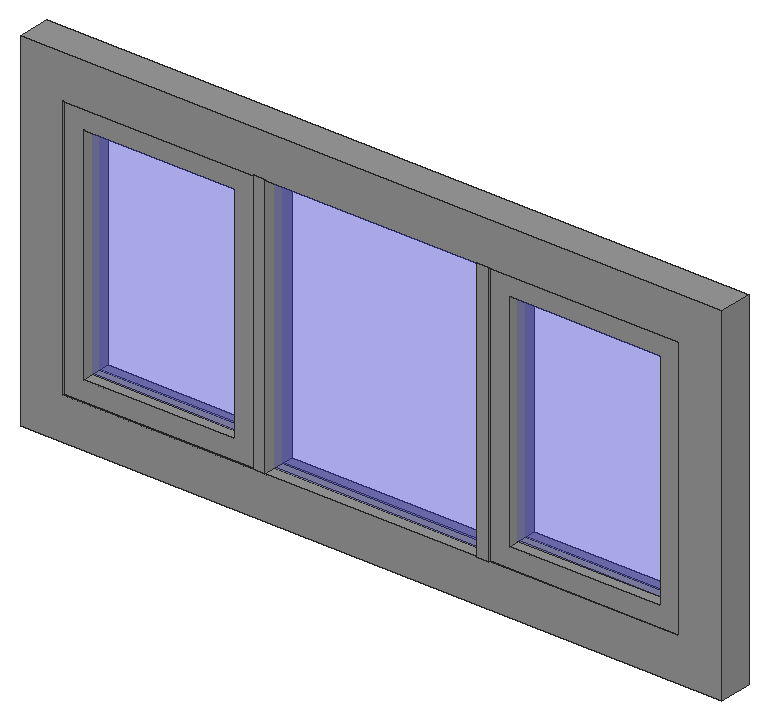
Revit family "Family49", category Windows, host Wall, Revit 2018
Family settings
  Host = Wall
  OmniClass Number = 23.30.20.00
  OmniClass Title = Windows
  Always vertical = Yes
  Cut with Voids When Loaded = No
  Shared = No
  Room Calculation Point = No
Parameters
  Window Thickness = 84 mm
  Window Frame = White
  Visual Light Transmittance = 0.81
  URL = "www.skywardwindows.co.za"
  Thermal Resistance (R) = 0.3196 (m²·K)/W
  Telephone = "021 276 1800"
  Solar Heat Gain Coefficient = 0.76
  Manufacturer = "Skyward Windows"
  Height = 890 mm
  Heat Transfer Coefficient (U) = 3.1292 W/(m²·K)
  Glass Thickness = 4 mm
  Glass = Glass
  Email Address = "info@skywardwindows.co.za"
  Default Sill Height = 800 mm
  Wall Closure = By host
  Width = 1790 mm
  Company Address = "Charles Matthews Street Atlantis 7349"
  Analytic Construction = "Double glazing - domestic"
Reference planes
  plane 1 "Center (Front/Back)": y = 0
  plane 2 "Center (Left/Right)": x = 0
  plane 3 "Left": x = -895
  plane 4 "Right": x = 895
  plane 5 "Sill": z = 800
  plane 6 "Head": z = 1690
  plane 7 "Exterior": y = 100
  plane 8 "Interior": y = -100
Forms (mm)
  Extrusion 1, solid, material "White" <- "Window Frame"
    sketch origin (0, -100, 0) x (1, 0, 0) y (0, 0, 1)
      loop
        line (-895, 1690) -> (-895, 800) -> (895, 800) -> (895, 1690) -> (-895, 1690)
      loop
        line (-786, 909) -> (786, 909) -> (786, 1581) -> (-786, 1581) -> (-786, 909)
    from -142 to -58
  Extrusion 2, solid, material "White" <- "Window Frame"
    sketch origin (0, -100, 0) x (1, 0, 0) y (0, 0, 1)
      loop
        line (-786, 1581) -> (-786, 909) -> (-302.727, 909) -> (-302.727, 1581) -> (-786, 1581)
      loop
        line (786, 1581) -> (302.175, 1581) -> (302.175, 909) -> (786, 909) -> (786, 1581)
      loop
        line (-736, 959) -> (-350, 959) -> (-350, 1531) -> (-736, 1531) -> (-736, 959)
      loop
        line (350, 1531) -> (350, 959) -> (736, 959) -> (736, 1531) -> (350, 1531)
    from -138 to -62
  Extrusion 3, solid, material "White" <- "Window Frame"
    sketch origin (0, -100, 0) x (1, 0, 0) y (0, 0, 1)
      loop
        line (-300, 1581) -> (-300, 909) -> (-270, 909) -> (-270, 1581) -> (-300, 1581)
      loop
        line (300, 1581) -> (270, 1581) -> (270, 909) -> (300, 909) -> (300, 1581)
    from -142 to -58
  Extrusion 4, solid, material "Glass" <- "Glass"
    sketch origin (0, 0, 0) x (1, 0, 0) y (0, 1, 0)
      loop
        line (-736, 14) -> (-736, 10) -> (-350, 10) -> (-350, 14) -> (-736, 14)
      loop
        line (-736, -10) -> (-736, -14) -> (-350, -14) -> (-350, -10) -> (-736, -10)
      loop
        line (350, 14) -> (350, 10) -> (736, 10) -> (736, 14) -> (350, 14)
      loop
        line (736, -10) -> (350, -10) -> (350, -14) -> (736, -14) -> (736, -10)
    from 959 to 1531
  Extrusion 5, solid, material "Glass" <- "Glass"
    sketch origin (0, 0, 0) x (1, 0, 0) y (0, 1, 0)
      loop
        line (-270, 14) -> (-270, 10) -> (270, 10) -> (270, 14) -> (-270, 14)
      loop
        line (270, -10) -> (-270, -10) -> (-270, -14) -> (270, -14) -> (270, -10)
    from 909 to 1581
Lines and regions (mm)
  Opening 1
    outline origin (3500, -100, 0) x (1, 0, 0) y (0, 0, 1)
      loop
        line (-2605, 800) -> (-2605, 1690) -> (-4395, 1690) -> (-4395, 800) -> (-2605, 800)
Text (mm)
  text "EXTERIOR" at (-1963.203, 1332.353, 0), in view "Ref. Level"
  text "INTERIOR" at (-1981.466, -818.386, 0), in view "Ref. Level"
  text "Exterior" at (0, 923.751, 2943.296), in view "Right"
  text "Exterior" at (0, 1040.484, 2685.409), in view "Left"
Dimensions and locks
  equal spacing: plane 3 "Left", plane 2 "Center (Left/Right)", plane 4 "Right"
  "Width": plane 3 "Left" to plane 4 "Right"
  "Height": plane 5 "Sill" to plane 6 "Head"
  "Default Sill Height": plane 5 "Sill" to level
  locked: plane 7 "Exterior" to host wall at 0
  locked: plane 8 "Interior" to host wall
  "Window Thickness": Extrusion 1 to Extrusion 1
  "Glass Thickness": Extrusion 5 to Extrusion 5
  "Glass Thickness": Extrusion 4 to Extrusion 4
  aligned and locked: Extrusion 1 sketch curve to host wall  (x4)
  aligned and locked: Extrusion 5 to Extrusion 1
Automatic sketch dimensions
  Opening 1 sketch curve to plane 3 "Left" = 0 mm
  Opening 1 sketch curve to plane 4 "Right" = 0 mm
  Opening 1 sketch curve to plane 5 "Sill" = 0 mm
  Opening 1 sketch curve to plane 6 "Head" = 0 mm
  Extrusion 1 sketch curve to plane 3 "Left" = 109 mm
  plane 4 "Right" to Extrusion 1 sketch curve = 109 mm
  Extrusion 1 sketch curve to plane 5 "Sill" = 109 mm
  plane 6 "Head" to Extrusion 1 sketch curve = 109 mm
  Extrusion 2 sketch curve to plane 3 "Left" = 109 mm
  Extrusion 2 sketch curve to Extrusion 2 sketch curve = 50 mm  (x6)
  plane 6 "Head" to Extrusion 2 sketch curve = 159 mm
  plane 2 "Center (Left/Right)" to Extrusion 2 sketch curve = 350 mm
  Extrusion 2 sketch curve to Extrusion 2 sketch curve = 47.273 mm
  plane 6 "Head" to Extrusion 2 sketch curve = 109 mm
  Extrusion 2 sketch curve to plane 2 "Center (Left/Right)" = 302.175 mm
  Extrusion 2 sketch curve to Extrusion 2 sketch curve = 47.825 mm
  plane 4 "Right" to Extrusion 2 sketch curve = 159 mm
  Extrusion 2 sketch curve to plane 5 "Sill" = 159 mm  (x2)
  Extrusion 3 sketch curve to plane 5 "Sill" = 109 mm  (x2)
  plane 2 "Center (Left/Right)" to Extrusion 3 sketch curve = 300 mm
  Extrusion 3 sketch curve to Extrusion 3 sketch curve = 30 mm  (x2)
  Extrusion 3 sketch curve to plane 2 "Center (Left/Right)" = 270 mm
  plane 6 "Head" to Extrusion 3 sketch curve = 109 mm  (x2)
  Extrusion 4 sketch curve to host wall = 14 mm  (x2)
  Extrusion 4 sketch curve to plane 3 "Left" = 159 mm
  Extrusion 4 sketch curve to Extrusion 4 sketch curve = 0 mm  (x4)
  host wall to Extrusion 4 sketch curve = 10 mm  (x2)
  plane 2 "Center (Left/Right)" to Extrusion 4 sketch curve = 350 mm
  Extrusion 4 sketch curve to plane 2 "Center (Left/Right)" = 350 mm
  plane 4 "Right" to Extrusion 4 sketch curve = 159 mm
  Extrusion 4 sketch curve to Extrusion 4 sketch curve = 4 mm  (x4)
  Extrusion 5 sketch curve to host wall = 14 mm
  plane 2 "Center (Left/Right)" to Extrusion 5 sketch curve = 270 mm
  host wall to Extrusion 5 sketch curve = 10 mm
  Extrusion 5 sketch curve to Extrusion 5 sketch curve = 0 mm  (x2)
  Extrusion 5 sketch curve to plane 2 "Center (Left/Right)" = 270 mm
  Extrusion 5 sketch curve to Extrusion 5 sketch curve = 4 mm  (x2)
